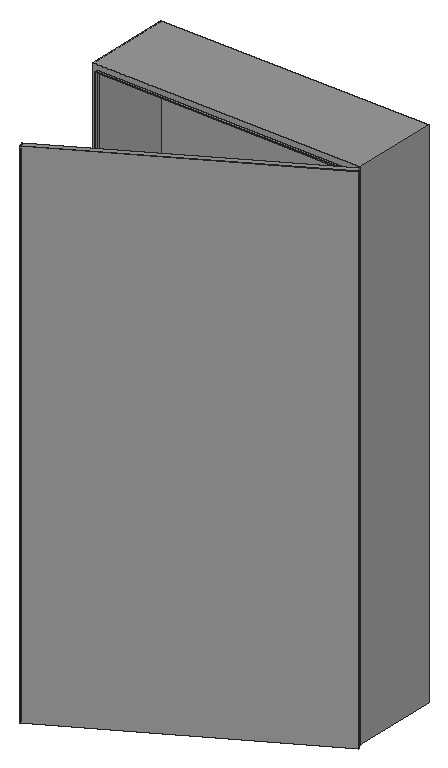
Revit family "Hager-Univers-IP55-D275-H1550-Cl.I-Steel_encl-NoHosted-PL-pl", category Electrical Equipment, Revit 2020
Family settings
  Panel Configuration = Two Columns, Circuits Across
  Round Connector Dimension = Use Diameter
  Part Type = Panelboard
  Work Plane-Based = Yes
  Always vertical = Yes
  Cut with Voids When Loaded = No
  Shared = No
  Room Calculation Point = No
Parameters (values of type "Montaż natynkowy IP55 S800 W1550 G275  - FR03E")
  Width Control [instance] = if([EF000008 - Szerokość] > Min Width, [EF000008 - Szerokość], Min Width)  # 800 mm
  Type Comments = [HG000003 - Zakres]  # "Univers"
  Thickness Door [instance] = if([EF009171 - Drzwi/pokrywa z materiału o wysokiej wytrzymałości mechanicznej] > 3 mm, 3 mm, [EF009171 - Drzwi/pokrywa z materiału o wysokiej wytrzymałości mechanicznej])  # 1.5 mm
  Seal Frame Offset [instance] = 17 mm  # constant formula
  Plinth Visibility [instance] = [HG000027 - Wysokość cokołu] > 0 mm  # no
  Min Width [instance] = 100 mm  # constant formula
  Min Depth [instance] = (2 * [EF009170 - Obudowa z materiału o wysokiej wytrzymałości mechanicznej]) + 1 mm  # 4 mm
  Min Height [instance] = 100 mm  # constant formula
  Internal Frame Depth [instance] = (Door System Depth * 0.5)  # 9 mm
  Panel Name [instance] = ""  # (empty or 0)
  Model = ""
  HG000027 - Wysokość cokołu = 0 mm
  HG000026 - Stojąca = no
  HG000024 - Wysokość części dolnej = 600 mm
  HG000023 - Obudowa dwusekcyjna = no
  HG000016 - Widoczność drzwi w widoku 3D [instance] = yes
  HG000015 - Przestrzeń robocza - otwarcie drzwi [instance] = no
  HG000014 - Drzwi prawe [instance] = yes
  HG000013 - Drzwi lewe [instance] = not([HG000014 - Drzwi prawe])  # no
  HG000012 - Kąt otwarcia drzwi [instance] = 30.00°
  HG000010 - Drzwi asymetryczne = no
  HG000009 - Drzwi dwuskrzydłowe = no
  HG000006 - Montaż podtynkowy = no
  HG000004 - Referencja producenta = "FR03E"
  HG000003 - Zakres = "Univers"
  HG000002 - Z drzwiami lub pokrywą = yes
  Frame Offset Bottom [instance] = 10 mm  # constant formula
  Frame Offset [instance] = 15 mm  # constant formula
  EF015940 - Pokrywa z wyzwalaczem nadciśnieniowym = no
  EF011959 - Stopień ochrony (NEMA) = ""
  EF009554 - Liczba otworów pod flansze = 6
  EF009212 - Wykonanie pokrywy = "EV000116 - Zamknięty"
  EF009171 - Drzwi/pokrywa z materiału o wysokiej wytrzymałości mechanicznej = 1.5 mm
  EF009170 - Obudowa z materiału o wysokiej wytrzymałości mechanicznej = 1.5 mm
  EF008873 - Prąd znamionowy (In) = 800 A
  EF007800 - Do ochrony odgromowej = no
  EF006306 - Z zamkiem = no
  EF006244 - Transparentna pokrywa/drzwi = no
  EF005474 - Stopień ochrony (IP) = "EV006420 - IP55"
  EF004464 - Rodzaj drzwi = "EV002646 - Pojedynczy"
  EF004427 - Liczba modułów = 360
  EF004293 - Odporność udarowa = "EV008784 - IK10"
  EF003532 - Do zastosowań zewnętrznych = no
  EF002950 - Szerokość wyrażona liczbą modułów = 24
  EF001613 - Podtrzymanie funkcji = "EV000494 - Brak"
  EF001596 - Materiał obudowy = "EV000179 - Stal"
  EF001131 - Głębokość wewnętrzna = 275 mm
  EF001088 - Możliwość rozbudowy = yes
  EF000437 - Liczba wejść kablowych = 6
  EF000339 - Rodzaj pokrywy = "EV004216 - Drzwi"
  EF000266 - Liczba rzędów = 10
  EF000218 - Głębokość wbudowania = 0 mm
  EF000118 - Z płytą montażową = no
  EF000116 - Numer RAL = "7035"
  EF000049 - Głębokość = 275 mm
  EF000040 - Wysokość = 1550 mm
  EF000008 - Szerokość = 800 mm
  EF000007 - Kolor = "EV000270 - Szary"
  EF000003 - Sposób montażu = "EV000384 - Montaż natynkowy"
  Door System Leaf Tolerance [instance] = 1.5 mm  # constant formula
  Door System Depth [instance] = 18 mm  # constant formula
  Door Height [instance] = Height Control - [HG000027 - Wysokość cokołu]  # 1550 mm
  Description = ""
  Default Elevation = 1219.2 mm
  Connector Offset [instance] = Height Control / 2  # 775 mm
  Manufacturer = "Hager"  # constant formula
  Height Control [instance] = if([EF000040 - Wysokość] > Min Height, [EF000040 - Wysokość], Min Height)  # 1550 mm
  Depth Control [instance] = if([EF000049 - Głębokość] > Min Depth, [EF000049 - Głębokość], Min Depth)  # 275 mm
  Bottom Top Plate Trim [instance] = 1.5 mm  # constant formula
  Plinth height Ctrl [instance] = if([HG000027 - Wysokość cokołu] > 0 mm, [HG000027 - Wysokość cokołu], 12 mm)  # 12 mm
Types (5, lengths in mm): name | Width Control | HG000010 - Drzwi asymetryczne | HG000009 - Drzwi dwuskrzydłowe | HG000004 - Referencja producenta | EF009554 - Liczba otworów pod flansze | EF004464 - Rodzaj drzwi | EF004427 - Liczba modułów | EF000437 - Liczba wejść kablowych | EF000008 - Szerokość
  Montaż natynkowy IP55 S1050 W1550 G275  - FR04E | 1050 | no | yes | "FR04E" | 8 | "EV003602 - Podwójny" | 480 | 8 | 1050
  Montaż natynkowy IP55 S1300 W1550 G275  - FR05E | 1300 | yes | yes | "FR05E" | 10 | "EV003602 - Podwójny" | 600 | 10 | 1300
  Montaż natynkowy IP55 S300 W1550 G275  - FR01E | 300 | no | no | "FR01E" | 2 | "EV002646 - Pojedynczy" | 120 | 2 | 300
  Montaż natynkowy IP55 S550 W1550 G275  - FR02E | 550 | no | no | "FR02E" | 4 | "EV002646 - Pojedynczy" | 240 | 4 | 550
  Montaż natynkowy IP55 S800 W1550 G275  - FR03E | 800 | no | no | "FR03E" | 6 | "EV002646 - Pojedynczy" | 360 | 6 | 800
Reference planes
  plane 1 "Center (Front/Back)": y = 0
  plane 2: z = 0
  plane 3 "Center (Left/Right)": x = 0
  plane 4: y = 0
  plane 5: y = 0
  plane 6: z = 0
  plane 7: x = -400
  plane 8: x = 400
  plane 9: x = 398.5
  plane 10: x = -398.5
  plane 11: z = 0
  plane 12: z = 1.5
  plane 13: y = -275
  plane 14: y = -1.5
  plane 15: x = 0
  plane 16: y = -257
  plane 17: y = -273.5
  plane 18: y = -255.5
  plane 19: x = -383.5
  plane 20: x = 383.5
  plane 21: z = 11.5
  plane 22: x = -383
  plane 23: x = 383
  plane 24: z = 0
  plane 25: z = 1550
  plane 26: z = 1550
  plane 27: z = 1533.5
  plane 28: z = 1548.5
Forms (mm)
  Extrusion 1, solid, material "Hager_Steel_RAL7035_Light_Grey", detail levels medium+fine
    sketch origin (-208.679, -4572, 0) x (-1, 0, 0) y (0, -1, 0)
      loop
        line (191.321, -4315) -> (-608.679, -4315) -> (-608.679, -4572) -> (191.321, -4572) -> (191.321, -4315)
    from 0 to 1550
  Extrusion 2, void
    sketch origin (-350.771, -275, 1219.2) x (1, 0, 0) y (0, 0, 1)
      loop
        line (-47.729, 329.3) -> (-47.729, -1217.7) -> (749.271, -1217.7) -> (749.271, 329.3) -> (-47.729, 329.3)
    from -19.5 to -273.5
  Extrusion 3, void
    sketch origin (-290.084, -257, 1219.2) x (1, 0, 0) y (0, 0, 1)
      loop
        line (-93.416, -1207.7) -> (673.584, -1207.7) -> (673.584, 314.3) -> (-93.416, 314.3) -> (-93.416, -1207.7)
    from 0 to -1.5
  Extrusion 4, solid, material "Hager_Steel_RAL7035_Light_Grey", visible <- "Plinth Visibility", detail levels medium+fine
    sketch origin (0, 0, 0) x (1, 0, 0) y (0, 1, 0)
      loop
        line (-400, 0) -> (-400, -257) -> (400, -257) -> (400, 0) -> (-400, 0)
    from 0 to 12 <- "Plinth height Ctrl"
  Extrusion 5, solid, material "Hager_Steel_RAL7035_Light_Grey", detail levels coarse
    sketch origin (0, 0, 0) x (1, 0, 0) y (0, 1, 0)
      loop
        line (-400, 0) -> (-400, -275) -> (400, -275) -> (400, 0) -> (-400, 0)
    from 0 to 1550 <- "Height Control"
  Sweep 6, void
    path in 3D
      loop
        line (-400, -257, 12) -> (400, -257, 12) -> (400, 0, 12) -> (-400, 0, 12) -> (-400, -257, 12)
    profile origin (-400, -128.5, 12) x (1, 0, 0) y (0, 0, 1)
      loop
        line (0, 0) -> (0, -1.5) -> (1.5, -1.5)
        arc (1.5, -1.5) -> (1.061, -0.439) -> (0, 0) r 1.5
  Extrusion 7, solid, material "Hager_Steel_RAL7035_Light_Grey", detail levels fine
    sketch origin (-400, -257, 0) x (1, 0, 0) y (0, 0, 1)
      loop
        line (16.5, 11.5) -> (783.5, 11.5) -> (783.5, 1533.5) -> (16.5, 1533.5) -> (16.5, 11.5)
      loop
        line (15, 10) -> (785, 10) -> (785, 1535) -> (15, 1535) -> (15, 10)
    from 0 to 9 <- "Internal Frame Depth"
Cuts and joins
  Extrusion 2, Extrusion 3 cuts Extrusion 1
  Sweep 6 cuts Extrusion 4
Lines and regions (mm)
  Masking region 1
    outline origin (0, 0, 0) x (1, 0, 0) y (0, 1, 0)
      loop
        line (-400, 0) -> (-400, -275) -> (400, -275) -> (400, 0) -> (-400, 0)
  Masking region 2, detail levels coarse
    outline origin (-290.084, -257, 1219.2) x (-1, 0, 0) y (0, 0, 1)
      loop
        line (-690.084, -1219.2) -> (109.916, -1219.2) -> (109.916, 330.8) -> (-690.084, 330.8) -> (-690.084, -1219.2)
  Masking region 3, detail levels coarse
    outline origin (0, 0, 0) x (0, 1, 0) y (0, 0, 1)
      loop
        line (0, 0) -> (0, 1550) -> (-275, 1550) -> (-275, 0) -> (0, 0)
  Masking region 4, visible <- "Plinth Visibility", detail levels medium+fine
    outline origin (0, 0, 0) x (0, 1, 0) y (0, 0, 1)
      loop
        line (-1.5, 12) -> (-255.5, 12)
        arc (-255.5, 12) -> (-255.939, 10.939) -> (-257, 10.5) r 1.5
        line (-257, 10.5) -> (-257, 0) -> (0, 0) -> (0, 10.5)
        arc (0, 10.5) -> (-1.061, 10.939) -> (-1.5, 12) r 1.5
  Masking region 5, detail levels medium+fine
    outline origin (0, 0, 594.038) x (0, 1, 0) y (0, 0, 1)
      loop
        line (0, -594.038) -> (0, 955.962) -> (-257, 955.962) -> (-257, -594.038) -> (0, -594.038)
  Masking region 6, detail levels medium+fine
    outline origin (-359.7, -257, 1211.883) x (-1, 0, 0) y (0, 0, 1)
      loop
        line (-759.7, -1211.883) -> (40.3, -1211.883) -> (40.3, 338.117) -> (-759.7, 338.117) -> (-759.7, -1211.883)
  Masking region 7, visible <- "Plinth Visibility", detail levels medium+fine
    outline origin (-320.334, -257, 1041.368) x (-1, 0, 0) y (0, 0, 1)
      loop
        line (-720.334, -1041.368) -> (79.666, -1041.368) -> (79.666, -1030.868)
        arc (79.666, -1030.868) -> (78.606, -1030.429) -> (78.166, -1029.368) r 1.5
        line (78.166, -1029.368) -> (-718.834, -1029.368)
        arc (-718.834, -1029.368) -> (-719.273, -1030.429) -> (-720.334, -1030.868) r 1.5
        line (-720.334, -1030.868) -> (-720.334, -1041.368)
  sketch lines
    curve 1: line (-400, 0, 12) -> (-400, -257, 12)
    curve 2: line (-400, -257, 12) -> (400, -257, 12)
    curve 3: line (400, 0, 12) -> (-400, 0, 12)
    curve 4: line (400, -257, 12) -> (400, 0, 12)
Dimensions and locks
  locked: plane 1 "Center (Front/Back)" to plane 5
  "EF009170 - Obudowa z materiału o wysokiej wytrzymałości mechanicznej": plane 7 to plane 10
  "EF009170 - Obudowa z materiału o wysokiej wytrzymałości mechanicznej": plane 8 to plane 9
  equal spacing: plane 7, plane 3 "Center (Left/Right)", plane 8
  "Width Control": plane 7 to plane 8
  "Depth Control": plane 4 to plane 13
  "EF009170 - Obudowa z materiału o wysokiej wytrzymałości mechanicznej": plane 4 to plane 14
  "Height Control": plane 25 to level
  "HG000027 - Wysokość cokołu": plane 11 to level
  "EF009170 - Obudowa z materiału o wysokiej wytrzymałości mechanicznej": plane 12 to plane 11
  "EF009170 - Obudowa z materiału o wysokiej wytrzymałości mechanicznej": plane 17 to plane 13
  "EF009170 - Obudowa z materiału o wysokiej wytrzymałości mechanicznej": plane 18 to plane 16
  "Frame Offset Bottom": plane 21 to plane 12
  "Frame Offset": plane 10 to plane 19
  "Frame Offset": plane 9 to plane 20
  "Door System Depth": plane 16 to plane 13
  "Seal Frame Offset": plane 7 to plane 22
  "Seal Frame Offset": plane 8 to plane 23
  "EF009170 - Obudowa z materiału o wysokiej wytrzymałości mechanicznej": plane 26 to plane 28
  "Frame Offset": plane 28 to plane 27
  "Connector Offset": plane 2 to connector elem
  "Bottom Top Plate Trim": profile plane to Sweep 6 sketch curve
  "Bottom Top Plate Trim": Sweep 6 sketch curve to Sweep 6 sketch curve
  "Plinth height Ctrl": Masking region 4 sketch curve to level
  "Plinth height Ctrl": Masking region 7 sketch curve to level
  "Thickness Door": Extrusion 7 sketch curve to Extrusion 7 sketch curve  (x4)
  "Bottom Top Plate Trim": radius of Sweep 6 sketch curve
  "Bottom Top Plate Trim": radius of Masking region 4 sketch curve  (x2)
  "Bottom Top Plate Trim": radius of Masking region 7 sketch curve  (x2)
  aligned and locked: Extrusion 2 sketch curve to plane 12
  aligned and locked: Extrusion 2 sketch curve to plane 9
  aligned and locked: Extrusion 2 sketch curve to plane 10
  aligned and locked: Extrusion 2 to plane 14
  aligned and locked: Extrusion 1 sketch curve to plane 4
  aligned and locked: plane 8 to Extrusion 1 sketch curve
  aligned and locked: plane 7 to Extrusion 1 sketch curve
  aligned and locked: Extrusion 2 to plane 18
  aligned and locked: Extrusion 3 sketch curve to plane 19
  aligned and locked: plane 20 to Extrusion 3 sketch curve
  aligned and locked: Extrusion 3 to Extrusion 2
  aligned and locked: Extrusion 3 sketch curve to plane 21
  aligned and locked: plane 3 "Center (Left/Right)" to nested 1
  aligned and locked: Extrusion 1 sketch curve to plane 16
  aligned and locked: Extrusion 4 sketch curve to cut or joined group of Extrusion 1, Extrusion 2, Extrusion 3
  aligned and locked: Masking region 1 sketch curve to plane 7
  aligned and locked: Masking region 1 sketch curve to plane 5
  aligned and locked: Masking region 1 sketch curve to plane 8
  aligned and locked: Masking region 2 sketch curve to level
  aligned and locked: level to Masking region 3 sketch curve
  aligned and locked: plane 1 "Center (Front/Back)" to Masking region 3 sketch curve
  aligned and locked: plane 13 to Masking region 3 sketch curve
  aligned and locked: plane 5 to Masking region 4 sketch curve
  aligned and locked: Masking region 2 sketch curve to plane 8
  aligned and locked: Masking region 2 sketch curve to plane 7
  aligned and locked: plane 7 to nested 2
  aligned and locked: nested 2 to plane 5
  aligned and locked: plane 5 to Masking region 5 sketch curve
  aligned and locked: plane 26 to Masking region 5 sketch curve
  aligned and locked: Extrusion 5 sketch curve to plane 8
  aligned and locked: Extrusion 5 sketch curve to plane 7
  aligned and locked: Extrusion 5 sketch curve to plane 5
  aligned and locked: Extrusion 3 sketch curve to plane 27
  aligned and locked: Extrusion 2 sketch curve to plane 28
  aligned and locked: Masking region 2 to plane 25
  aligned and locked: Extrusion 4 to plane 16
  aligned and locked: profile plane to Sweep 6 sketch curve
  aligned and locked: Masking region 5 sketch curve to plane 24
  aligned and locked: level to Masking region 4 sketch curve
  aligned and locked: Masking region 1 to plane 13
  aligned and locked: nested 1 to plane 16
  aligned and locked: Masking region 3 to plane 25
  aligned and locked: plane 16 to Masking region 4 sketch curve
  aligned and locked: Masking region 5 sketch curve to plane 16
  aligned and locked: plane 24 to plane 11
  aligned and locked: plane 26 to plane 25
  aligned and locked: plane 26 to cut or joined group of Extrusion 1, Extrusion 2, Extrusion 3
  aligned and locked: nested 1 to plane 24
  aligned and locked: Extrusion 1 to Extrusion 3
  aligned and locked: Masking region 6 sketch curve to plane 8
  aligned and locked: Masking region 6 sketch curve to plane 24
  aligned and locked: Masking region 6 sketch curve to plane 7
  aligned and locked: Masking region 6 sketch curve to plane 26
  aligned and locked: Masking region 7 sketch curve to plane 7
  aligned and locked: level to Masking region 7 sketch curve
  aligned and locked: Masking region 7 sketch curve to plane 8
  aligned and locked: Extrusion 7 sketch curve to cut or joined group of Extrusion 1, Extrusion 2, Extrusion 3  (x4)
Automatic sketch dimensions
  plane 19 to Extrusion 3 sketch curve = 0 mm
  Extrusion 3 sketch curve to plane 20 = 0 mm
  Extrusion 3 sketch curve to plane 21 = 0 mm
  Extrusion 4 sketch curve to plane 7 = 0 mm
  Extrusion 4 sketch curve to plane 8 = 0 mm
  Extrusion 4 sketch curve to plane 16 = 0 mm
  Masking region 1 sketch curve to plane 13 = 0 mm
  Masking region 2 sketch curve to plane 25 = 0 mm
  Masking region 3 sketch curve to plane 25 = 0 mm
  Extrusion 5 sketch curve to plane 13 = 0 mm
  profile plane to Sweep 6 sketch curve = 0 mm
Nested families
  nested 1: "EC000058_Univers_Door" at (0, -257, 0), Double <- "HG000009 - Drzwi dwuskrzydłowe", Transparent <- "EF006244 - Transparentna pokrywa/drzwi", Angle <- "HG000012 - Kąt otwarcia drzwi", Door_Right <- "HG000014 - Drzwi prawe", Assymetrical <- "HG000010 - Drzwi asymetryczne", Door <- "HG000002 - Z drzwiami lub pokrywą", Width_Ctrl <- "Width Control", 3d_Door <- "HG000016 - Widoczność drzwi w widoku 3D", Clearance <- "HG000015 - Przestrzeń robocza - otwarcie drzwi", Door_Left <- "HG000013 - Drzwi lewe", Width <- "Width Control", Door_Depth <- "Door System Depth", Leaf_Tolerance <- "Door System Leaf Tolerance", Height <- "Door Height", Lock_Visibility <- "EF006306 - Z zamkiem", Thickness <- "Thickness Door", type "EC000058_Univers_Door", detail levels medium+fine
    with min_wh 4 mm, Width_Ctrl 800 mm, Width 800 mm, Transparent no, Thickness 1.5 mm, Seal_Material Hager_Rubber, Lock_Visibility no, Lock_Material Hager_Plastic_RAL9005_Jet_Black, Leaf_Width 800 mm, Leaf_Tolerance_External_Sides 0 mm, Leaf_Tolerance 1.5 mm, Leaf_Offset 0 mm, Leaf_Height 1547 mm, Leaf_2_Width 800 mm, Leaf_2_Offset 400 mm, Leaf_1_Width 800 mm, Leaf_1_Offset 400 mm, Height_Ctrl 1550 mm, Height 1550 mm, Glass_Material Hager_Glass, Double_Clearance_Ctrl no, Double no, Door_Right_Ctrl yes, Door_Right yes, Door_Material Hager_Steel_RAL7035_Light_Grey, Door_Left_Ctrl no, Door_Left no, Door_Depth 18 mm, Door yes, Clearance_Material Hager_Clearance, Clearance_Depth 800 mm, Clearance_Ctrl no, Clearance no, Assymetrical no, Angle 30.00°, 3d_Door yes
  nested 2: "Hager_Enclosure_Symbol" at (-400, 0, 0), Height <- "Depth Control", Width <- "Width Control", type "Hager_Enclosure_Symbol"
    with Width_Ctrl 800 mm, Width 800 mm, Height_Ctrl 275 mm, Height 275 mm, A_Width_Int 18.047 mm, A_Width 216.562 mm, A_Height_Ctrl 240.625 mm, A_Height 240.625 mm
Connectors
  electrical at (0, 0, 775)
    settings: on plane 1 "Center (Front/Back)", index 1, voltage 0 V, apparent load 0 VA, apparent load phase1 0 VA, apparent load phase2 0 VA, apparent load phase3 0 VA, power factor 1, load classification "Other", number of poles 1, system type 30, power factor state 1, is connector primary yes, connector utility no, sub classification motor no, connector description ""
Definition of nested family "EC000058_Univers_Door"
  Parameters (values of type "EC000058_Univers_Door")
    min_wh [instance] = (2 * Thickness) + 1 mm  # 11 mm
    Width_Ctrl [instance] = 400 mm
    Width [instance] = 500 mm
    Transparent [instance] = yes
    Thickness [instance] = 5 mm
    Seal_Material [instance] = none
    Lock_Visibility [instance] = yes
    Lock_Material [instance] = none
    Leaf_Width [instance] = if((Width_Ctrl - 2 * Leaf_Tolerance_External_Sides) > 0 mm, (Width_Ctrl - 2 * Leaf_Tolerance_External_Sides), min_wh)  # 400 mm
    Leaf_Tolerance_External_Sides [instance] = 0 mm  # constant formula
    Leaf_Tolerance [instance] = 1.5 mm
    Leaf_Offset [instance] = 0 mm  # constant formula
    Leaf_Height [instance] = if((Height_Ctrl - 2 * Leaf_Tolerance) > 0 mm, (Height_Ctrl - 2 * Leaf_Tolerance), min_wh)  # 497 mm
    Leaf_2_Width [instance] = if(and(and(Double, Assymetrical), Door_Left), (Leaf_Width / 3) - (Leaf_Tolerance / 2), if(and(and(Double, Assymetrical), Door_Right), (Leaf_Width / 3) * 2 - (Leaf_Tolerance / 2), if(and(Double, not(Assymetrical)), (Leaf_Width / 2) - Leaf_Tolerance, Leaf_Width)))  # 400 mm
    Leaf_2_Offset [instance] = if(and(Double, Assymetrical), Leaf_2_Width / 2, if(and(Double, not(Assymetrical)), Leaf_Width / 4, Leaf_Width / 2))  # 200 mm
    Leaf_1_Width [instance] = if(and(and(Double, Assymetrical), Door_Right), (Leaf_Width / 3) - (Leaf_Tolerance / 2), if(and(and(Double, Assymetrical), Door_Left), (Width / 3) * 2 - (Leaf_Tolerance / 2), if(and(Double, not(Assymetrical)), (Leaf_Width / 2) - Leaf_Tolerance, Leaf_Width)))  # 400 mm
    Leaf_1_Offset [instance] = if(and(Double, Assymetrical), Leaf_1_Width / 2, if(and(Double, not(Assymetrical)), Leaf_Width / 4, Leaf_Width / 2))  # 200 mm
    Height_Ctrl [instance] = if(Height > min_wh, Height, min_wh)  # 500 mm
    Height [instance] = 500 mm
    Glass_Material [instance] = none
    Double_Clearance_Ctrl [instance] = and(Double, Clearance)  # no
    Double [instance] = no
    Door_Right_Ctrl [instance] = and(or(Door_Right, Double), Door)  # yes
    Door_Right [instance] = yes
    Door_Material [instance] = none
    Door_Left_Ctrl [instance] = and(or(Door_Left, Double), Door)  # no
    Door_Left [instance] = no
    Door_Depth [instance] = 30 mm
    Door [instance] = yes
    Default Elevation = 1219.2 mm
    Clearance_Material [instance] = none
    Clearance_Depth [instance] = if(Leaf_1_Width > Leaf_2_Width, Leaf_1_Width, Leaf_2_Width)  # 400 mm
    Clearance_Ctrl [instance] = and(not(Double), Clearance)  # yes
    Clearance [instance] = yes
    Assymetrical [instance] = yes
    Angle [instance] = 30.00°
    3d_Door [instance] = yes
  Reference planes
    plane 1 "Center (Front/Back)": y = 0
    plane 2 "Bottom": z = 0
    plane 3 "Center (Left/Right)": x = 0
    plane 4: z = 500
    plane 5: x = -200
    plane 6: x = 200
    plane 7: z = 500
    plane 8: x = -200
    plane 9: z = 0
    plane 10: x = 200
    plane 11: y = 0
    plane 12: z = 1.5
    plane 13: x = -600
    plane 14: y = -400
    plane 15: x = 600
    plane 16: x = 0
    plane 17: x = 0
    plane 18: x = -200
    plane 19: x = 200
    plane 20: z = 498.5
  Forms (mm)
    Extrusion 1, solid, material <- "Clearance_Material", visible <- "Double_Clearance_Ctrl"
      sketch origin (1200, 0, 0) x (1, 0, 0) y (0, 0, -1)
        loop
          line (-1800, -498.5) -> (-600, -498.5) -> (-600, 0) -> (-1800, 0) -> (-1800, -498.5)
      from 0 to -400
  Dimensions and locks
    equal spacing: plane 5, plane 3 "Center (Left/Right)", plane 6
    "Width_Ctrl": plane 5 to plane 6
    "Leaf_Offset": plane 5 to plane 8
    "Leaf_Offset": plane 6 to plane 10
    "Leaf_Offset": plane 9 to level
    "Leaf_Offset": plane 4 to plane 7
    "Height_Ctrl": plane 4 to level
    "Leaf_Tolerance": plane 12 to plane 9
    locked: plane 11 to plane 1 "Center (Front/Back)"
    "Leaf_1_Offset": plane 18 to plane 16
    "Leaf_2_Offset": plane 17 to plane 19
    "Leaf_1_Width": plane 13 to plane 8
    "Leaf_2_Width": plane 10 to plane 15
    "Clearance_Depth": plane 14 to plane 1 "Center (Front/Back)"
    "Leaf_Tolerance_External_Sides": plane 8 to plane 18
    "Leaf_Tolerance_External_Sides": plane 19 to plane 10
    "Leaf_Tolerance": plane 7 to plane 20
    aligned and locked: level to plane 2 "Bottom"
    aligned and locked: nested 1 to plane 16
    aligned and locked: nested 2 to plane 17
    aligned and locked: Extrusion 1 to plane 13
    aligned and locked: plane 15 to Extrusion 1
    aligned and locked: Extrusion 1 to plane 14
    aligned and locked: plane 12 to nested 1
    aligned and locked: nested 2 to plane 12
    aligned and locked: Extrusion 1 to plane 11
    aligned and locked: plane 20 to Extrusion 1
    aligned and locked: nested 2 to plane 11
    aligned and locked: nested 1 to plane 11
  Automatic sketch dimensions
    Extrusion 1 sketch curve to level = 0 mm
    plane 5 to Extrusion 1 sketch curve = 400 mm
    plane 6 to Extrusion 1 sketch curve = 400 mm
    Extrusion 1 sketch curve to plane 4 = 1.5 mm
  Nested families
    nested 1: "EC000058_Univers_Door_Leaf" at (0, 0, 1.5), Width <- "Leaf_1_Width", visible <- "Door_Left_Ctrl", Leaf_Height <- "Leaf_Height", Angle <- "Angle", 3d_Door <- "3d_Door", Transparent <- "Transparent", Clearance Material <- "Clearance_Material", Clearance <- "Clearance_Ctrl", Door_Material <- "Door_Material", Glass_Material <- "Glass_Material", Door_Depth <- "Door_Depth", Lock_Material <- "Lock_Material", Seal_Material <- "Seal_Material", Lock_Visibility <- "Lock_Visibility", Thickness <- "Thickness", type "EC000058_Univers_Door_Leaf"
      with Width 400 mm, Transparent_Glass_Offset 30 mm, Transparent_Ctrl yes, Transparent yes, Thickness 5 mm, Standard no, Seal_Material none, Seal_D2 8 mm, Seal_D1 1 mm, Offset_Internal_Frame 10 mm, Lock_Width 20 mm, Lock_Visibility_3d yes, Lock_Visibility yes, Lock_Thickness_3 3 mm, Lock_Thickness_2 1 mm, Lock_Thickness_1 3 mm, Lock_Radius_Offset_2 16 mm, Lock_Radius_Offset_1 15 mm, Lock_Radius_2 5 mm, Lock_Radius 6 mm, Lock_Offset 5 mm, Lock_Material none, Lock_Height 80 mm, Lock_Cover_Top_Offset_2d 17 mm, Lock_Cover_Height -65 mm, Leaf_Height 497 mm, Internal_Seal_Thickness 8 mm, Internal_Seal_Depth_2 4.5 mm, Internal_Frame_Depth 25 mm, Glass_Thickness -1 mm, Glass_Offset -2 mm, Glass_Material none, Door_Material none, Door_Depth 30 mm, Clearance Material none, Clearance yes, Angle_Ctrl 30.00°, Angle 30.00°, 3d_Door yes
    nested 2: "EC000058_Univers_Door_Leaf" at (0, 0, 1.5) x (-1, 0, 0) z (0, 0, 1), Width <- "Leaf_2_Width", visible <- "Door_Right_Ctrl", Leaf_Height <- "Leaf_Height", Angle <- "Angle", 3d_Door <- "3d_Door", Transparent <- "Transparent", Clearance Material <- "Clearance_Material", Clearance <- "Clearance_Ctrl", Door_Material <- "Door_Material", Glass_Material <- "Glass_Material", Door_Depth <- "Door_Depth", Lock_Material <- "Lock_Material", Seal_Material <- "Seal_Material", Lock_Visibility <- "Lock_Visibility", Thickness <- "Thickness", type "EC000058_Univers_Door_Leaf"
      with Width 400 mm, Transparent_Glass_Offset 30 mm, Transparent_Ctrl yes, Transparent yes, Thickness 5 mm, Standard no, Seal_Material none, Seal_D2 8 mm, Seal_D1 1 mm, Offset_Internal_Frame 10 mm, Lock_Width 20 mm, Lock_Visibility_3d yes, Lock_Visibility yes, Lock_Thickness_3 3 mm, Lock_Thickness_2 1 mm, Lock_Thickness_1 3 mm, Lock_Radius_Offset_2 16 mm, Lock_Radius_Offset_1 15 mm, Lock_Radius_2 5 mm, Lock_Radius 6 mm, Lock_Offset 5 mm, Lock_Material none, Lock_Height 80 mm, Lock_Cover_Top_Offset_2d 17 mm, Lock_Cover_Height -65 mm, Leaf_Height 497 mm, Internal_Seal_Thickness 8 mm, Internal_Seal_Depth_2 4.5 mm, Internal_Frame_Depth 25 mm, Glass_Thickness -1 mm, Glass_Offset -2 mm, Glass_Material none, Door_Material none, Door_Depth 30 mm, Clearance Material none, Clearance yes, Angle_Ctrl 30.00°, Angle 30.00°, 3d_Door yes
  Definition of nested family "EC000058_Univers_Door_Leaf"
    Parameters (values of type "EC000058_Univers_Door_Leaf")
      Width [instance] = 2000 mm
      Transparent_Glass_Offset [instance] = 30 mm
      Transparent_Ctrl [instance] = and(Transparent, [3d_Door])  # yes
      Transparent [instance] = yes
      Thickness [instance] = 5 mm
      Standard [instance] = and(not(Transparent), [3d_Door])  # no
      Seal_Material [instance] = none
      Seal_D2 [instance] = 8 mm  # constant formula
      Seal_D1 [instance] = 1 mm  # constant formula
      Offset_Internal_Frame [instance] = 10 mm  # constant formula
      Lock_Width [instance] = 20 mm  # constant formula
      Lock_Visibility_3d [instance] = and(Lock_Visibility, [3d_Door])  # yes
      Lock_Visibility [instance] = yes
      Lock_Thickness_3 [instance] = 3 mm  # constant formula
      Lock_Thickness_2 [instance] = 1 mm  # constant formula
      Lock_Thickness_1 [instance] = 3 mm  # constant formula
      Lock_Radius_Offset_2 [instance] = Lock_Radius_Offset_1 + 1 mm  # 16 mm
      Lock_Radius_Offset_1 [instance] = 15 mm  # constant formula
      Lock_Radius_2 [instance] = Lock_Radius - 1 mm  # 5 mm
      Lock_Radius [instance] = 6 mm  # constant formula
      Lock_Offset [instance] = 5 mm  # constant formula
      Lock_Material [instance] = none
      Lock_Height [instance] = 80 mm  # constant formula
      Lock_Cover_Top_Offset_2d [instance] = Lock_Radius_Offset_2 + 1 mm  # 17 mm
      Lock_Cover_Height [instance] = -(Lock_Height - Lock_Radius_Offset_1)  # -65 mm
      Leaf_Height [instance] = 2720.336 mm
      Internal_Seal_Thickness [instance] = 8 mm  # constant formula
      Internal_Seal_Depth_2 [instance] = 4.5 mm  # constant formula
      Internal_Frame_Depth [instance] = if(Door_Depth - Thickness > 5 mm, Door_Depth - Thickness, 5 mm)  # 25 mm
      Glass_Thickness [instance] = if(Thickness > 15 mm, Glass_Offset + 10 mm, -1 mm)  # -1 mm
      Glass_Offset [instance] = if(Thickness > 15 mm, -(Thickness + 10 mm) / 2, -2 mm)  # -2 mm
      Glass_Material [instance] = none
      Door_Material [instance] = none
      Door_Depth [instance] = 30 mm
      Default Elevation = 0 mm
      Clearance Material [instance] = none
      Clearance [instance] = yes
      Angle_Ctrl [instance] = if(Angle > 180.00°, 180.00°, Angle)  # 90.00°
      Angle [instance] = 90.00°
      3d_Door [instance] = yes
    Reference planes
      plane 1 "Center (Front/Back)": y = 0
      plane 2: z = 0
      plane 3 "Center (Left/Right)": x = 0
      plane 4: y = 2000
      plane 5: x = -1000
      plane 6: x = 1000
      plane 7: x = -3000
      plane 8: z = 2720.336
      plane 9: z = 30
      plane 10: z = 2690.336
      plane 11: x = 970
      plane 12: x = -970
      plane 13: y = -3
      plane 14: z = 107.833
      plane 15: y = -5
      plane 16: y = -223.314
      plane 17: x = -1000
      plane 18: z = 1360.168
      plane 19: y = 30
    Forms (mm)
      Extrusion 1, solid, material <- "Clearance Material", visible <- "Clearance"
        sketch origin (0, 0, 0) x (1, 0, 0) y (0, 0, 1)
          loop
            line (-3000, 2720.336) -> (-3000, 0) -> (1000, 0) -> (1000, 2720.336) -> (-3000, 2720.336)
        from 0 to -2000
      Extrusion 2, solid, material <- "Door_Material", visible <- "Standard", detail levels medium+fine
        sketch origin (-1000, 0, 0) x (0, 1, 0) y (-1, 0, 0)
          loop
            line (0, 30) -> (0, 25) -> (2000, 25) -> (2000, 30) -> (0, 30)
        from 0 to 2720.336 <- "Leaf_Height"
      Extrusion 3, solid, material <- "Door_Material", visible <- "Transparent_Ctrl", detail levels medium+fine
        sketch origin (-1000, 0, 0) x (0, 1, 0) y (-1, 0, 0)
          loop
            line (0, 25) -> (2000, 25) -> (2000, 30) -> (0, 30) -> (0, 25)
        from 0 to 2720.336 <- "Leaf_Height"
      Extrusion 4, void
        sketch origin (-1025, 2000, 0) x (0, 1, 0) y (0, 0, -1)
          loop
            line (-30, -2690.336) -> (-30, -30) -> (-1970, -30) -> (-1970, -2690.336) -> (-30, -2690.336)
        from 0 to 5 <- "Thickness"
      Sweep 5, solid, material <- "Seal_Material", visible <- "Transparent_Ctrl", detail levels fine
        path in 3D
          loop
            line (-1025, 30, 30) -> (-1025, 30, 2690.336) -> (-1025, 1970, 2690.336) -> (-1025, 1970, 30) -> (-1025, 30, 30)
        profile origin (-1025, 1000, 30) x (1, 0, 0) y (0, 0, 1)
          loop
            line (0, 0) -> (0, -8) -> (1, -8) -> (1, 0) -> (0, 0)
      Extrusion 6, solid, material <- "Glass_Material", visible <- "Transparent_Ctrl", detail levels medium+fine
        sketch origin (-1030, 0, 0) x (0, 1, 0) y (0, 0, -1)
          loop
            line (1970, -2690.336) -> (1970, -30) -> (30, -30) -> (30, -2690.336) -> (1970, -2690.336)
        from -2 <- "Glass_Offset" to -1 <- "Glass_Thickness"
      Extrusion 7, solid, material <- "Door_Material", visible <- "3d_Door", detail levels medium+fine
        sketch origin (-1025, 2000, 0) x (0, -1, 0) y (0, 0, -1)
          loop
            line (0, -2720.336) -> (2000, -2720.336) -> (2000, 0) -> (0, 0) -> (0, -2720.336)
          loop
            line (1995, -5) -> (5, -5) -> (5, -2715.336) -> (1995, -2715.336) -> (1995, -5)
        from 0 to 25 <- "Internal_Frame_Depth"
      Sweep 8, solid, material <- "Seal_Material", visible <- "Transparent_Ctrl", detail levels fine
        path in 3D
          loop
            line (-1025, 0, 0) -> (-1025, 2000, 0) -> (-1025, 2000, 2720.336) -> (-1025, 0, 2720.336) -> (-1025, 0, 0)
        profile origin (-1025, 0, 1360.168) x (1, 0, 0) y (0, 1, 0)
          loop
            line (0, 10) -> (2.975, 10)
            arc (2.975, 10) -> (4.053, 10.447) -> (4.5, 11.525) r 1.525
            line (4.5, 11.525) -> (4.5, 16.527)
            arc (4.5, 16.527) -> (4.069, 17.569) -> (3.027, 18) r 1.473
            line (3.027, 18) -> (0, 18) -> (0, 10)
      Extrusion 9, solid, material <- "Lock_Material", visible <- "Lock_Visibility_3d", detail levels fine
        sketch origin (-1030, 0, 0) x (0, 1, 0) y (0, 0, -1)
          loop
            arc (1993.5, -1400.168) -> (1994.561, -1399.729) -> (1995, -1398.668) r 1.5
            line (1995, -1398.668) -> (1995, -1320.168) -> (1975, -1320.168) -> (1975, -1398.668)
            arc (1975, -1398.668) -> (1975.439, -1399.729) -> (1976.5, -1400.168) r 1.5
            line (1976.5, -1400.168) -> (1993.5, -1400.168)
        from 3 <- "Lock_Thickness_1" to 0
      Blend 10, solid, material <- "Lock_Material", visible <- "Lock_Visibility_3d", detail levels fine
        base sketch origin (-1033, 0, 0) x (0, 1, 0) y (0, 0, -1)
          loop
            line (1975, -1320.168) -> (1975, -1398.668)
            arc (1975, -1398.668) -> (1975.439, -1399.729) -> (1976.5, -1400.168) r 1.5
            line (1976.5, -1400.168) -> (1993.5, -1400.168)
            arc (1993.5, -1400.168) -> (1994.561, -1399.729) -> (1995, -1398.668) r 1.5
            line (1995, -1398.668) -> (1995, -1320.168) -> (1975, -1320.168)
        top sketch origin (-1033, 0, 0) x (0, 1, 0) y (0, 0, -1)
          loop
            line (1976, -1320.168) -> (1976, -1398.668)
            arc (1976, -1398.668) -> (1976.146, -1399.022) -> (1976.5, -1399.168) r 0.5
            line (1976.5, -1399.168) -> (1993.5, -1399.168)
            arc (1993.5, -1399.168) -> (1993.854, -1399.022) -> (1994, -1398.668) r 0.5
            line (1994, -1398.668) -> (1994, -1320.168) -> (1976, -1320.168)
        from 0 to 1 <- "Lock_Thickness_2"
      Blend 11, solid, material <- "Lock_Material", visible <- "Lock_Visibility_3d", detail levels fine
        base sketch origin (-1034, 0, 0) x (0, 1, 0) y (0, 0, -1)
          loop
            line (1978, -1320.168) -> (1978, -1384.168)
            arc (1978, -1384.168) -> (1985, -1391.168) -> (1992, -1384.168) r 7
            line (1992, -1384.168) -> (1992, -1320.168) -> (1978, -1320.168)
        top sketch origin (-1034, 0, 0) x (0, 1, 0) y (0, 0, -1)
          loop
            line (1991, -1320.168) -> (1979, -1320.168) -> (1979, -1383.168)
            arc (1979, -1383.168) -> (1985, -1389.168) -> (1991, -1383.168) r 6
            line (1991, -1383.168) -> (1991, -1320.168)
        from 0 to 3 <- "Lock_Thickness_3"
      Extrusion 12, solid, material <- "Lock_Material", visible <- "Lock_Visibility_3d", detail levels fine
        sketch origin (-1030, 1975, 1320.168) x (1, 0, 0) y (0, -1, 0)
          loop
            line (-7, -19) -> (-7, -1) -> (0, -1) -> (0, 0) -> (-8, 0) -> (-8, -20) -> (0, -20) -> (0, -19) -> (-7, -19)
        from 0 to -65 <- "Lock_Cover_Height"
      Extrusion 13, void
        sketch origin (-1038, 1995, 1320.168) x (-1, 0, 0) y (0, 0, -1)
          loop
            line (-5, -65) -> (0, -65) -> (-5, -60) -> (-5, -65)
        from 0 to 20 <- "Lock_Width"
      Extrusion 14, void
        sketch origin (-1038, 1975, 1320.168) x (0, -1, 0) y (0, 0, -1)
          loop
            circle (-10, -15.995) r 6
          loop
            circle (-10, -15.995) r 5
        from 0 to 2
      Extrusion 15, solid, material <- "Lock_Material", visible <- "Lock_Visibility_3d", detail levels medium
        sketch origin (-1030, 0, 0) x (0, 1, 0) y (0, 0, -1)
          loop
            arc (1993.5, -1400.168) -> (1994.561, -1399.729) -> (1995, -1398.668) r 1.5
            line (1995, -1398.668) -> (1995, -1320.168) -> (1975, -1320.168) -> (1975, -1398.668)
            arc (1975, -1398.668) -> (1975.439, -1399.729) -> (1976.5, -1400.168) r 1.5
            line (1976.5, -1400.168) -> (1993.5, -1400.168)
        from 8 to 0
    Cuts and joins
      Extrusion 4 cuts Extrusion 3
      Extrusion 13, Extrusion 14 cuts Extrusion 9
      Extrusion 14 cuts Blend 11
      Extrusion 13, Extrusion 14 cuts Extrusion 12
      joined: Extrusion 9, Blend 10, Blend 11, Extrusion 12
      Extrusion 14 cuts Extrusion 15
    Lines and regions (mm)
      Masking region 1, visible <- "Lock_Visibility", detail levels fine
        outline origin (0, 0, 0) x (0, 1, 0) y (0, 0, 1)
          loop
            line (30, 1320.168) -> (33, 1320.168) -> (33, 1400.168) -> (30, 1400.168) -> (30, 1320.168)
      Masking region 2, visible <- "Lock_Visibility", detail levels fine
        outline origin (0, 3.143, 0) x (0, 1, 0) y (0, 0, 1)
          loop
            line (29.857, 1354.168) -> (30.857, 1354.168) -> (30.857, 1366.168) -> (29.857, 1366.168) -> (29.857, 1354.168)
      Masking region 3, detail levels medium+fine
        outline origin (0, 0, 0) x (0, 1, 0) y (0, 0, 1)
          loop
            line (0, 0) -> (30, 0) -> (30, 2720.336) -> (0, 2720.336) -> (0, 0)
      Masking region 4, detail levels medium+fine
        outline origin (0, 0, 0) x (1, 0, 0) y (0, 0, 1)
          loop
            line (-1000, 2720.336) -> (-1000, 0) -> (1000, 0) -> (1000, 2720.336) -> (-1000, 2720.336)
      Masking region 5, visible <- "Lock_Visibility", detail levels fine
        outline origin (-47.116, 0, 0) x (1, 0, 0) y (0, 0, 1)
          loop
            arc (1024.616, 1399.168) -> (1023.556, 1398.729) -> (1023.116, 1397.668) r 1.5
            line (1023.116, 1397.668) -> (1023.116, 1320.168) -> (1041.116, 1320.168) -> (1041.116, 1397.668)
            arc (1041.116, 1397.668) -> (1040.677, 1398.729) -> (1039.616, 1399.168) r 1.5
            line (1039.616, 1399.168) -> (1024.616, 1399.168)
      Masking region 6, visible <- "Lock_Visibility", detail levels medium+fine
        outline origin (-25, 0, 0) x (1, 0, 0) y (0, 0, 1)
          loop
            arc (1001.5, 1400.168) -> (1000.439, 1399.729) -> (1000, 1398.668) r 1.5
            line (1000, 1398.668) -> (1000, 1320.168) -> (1020, 1320.168) -> (1020, 1398.668)
            arc (1020, 1398.668) -> (1019.561, 1399.729) -> (1018.5, 1400.168) r 1.5
            line (1018.5, 1400.168) -> (1001.5, 1400.168)
      Masking region 7, visible <- "Lock_Visibility", detail levels fine
        outline origin (-73.735, 0, 0) x (1, 0, 0) y (0, 0, 1)
          loop
            line (1051.735, 1382.168) -> (1065.735, 1382.168) -> (1065.735, 1384.168)
            arc (1065.735, 1384.168) -> (1058.735, 1391.168) -> (1051.735, 1384.168) r 7
            line (1051.735, 1384.168) -> (1051.735, 1382.168)
      Masking region 8, visible <- "Lock_Visibility", detail levels fine
        outline origin (-73.735, 0, 0) x (1, 0, 0) y (0, 0, 1)
          loop
            line (1052.735, 1382.168) -> (1064.735, 1382.168) -> (1064.735, 1383.168)
            arc (1064.735, 1383.168) -> (1058.735, 1389.168) -> (1052.735, 1383.168) r 6
            line (1052.735, 1383.168) -> (1052.735, 1382.168)
      Masking region 9, visible <- "Lock_Visibility", detail levels fine
        outline origin (-25, 0, 0) x (1, 0, 0) y (0, 0, 1)
          loop
            line (1020, 1320.168) -> (1020, 1382.168) -> (1000, 1382.168) -> (1000, 1320.168) -> (1020, 1320.168)
      Masking region 10, detail levels medium+fine
        outline origin (0, 0, 0) x (1, 0, 0) y (0, 0, 1)
          loop
            circle (985, 1335.144) r 6
      Masking region 11, detail levels fine
        outline origin (0, 0, 0) x (1, 0, 0) y (0, 0, 1)
          loop
            circle (985, 1335.144) r 5
      Masking region 12, visible <- "Lock_Visibility", detail levels fine
        outline origin (0, 12.767, 0) x (0, 1, 0) y (0, 0, 1)
          loop
            line (20.233, 1320.168) -> (21.233, 1320.168) -> (21.233, 1399.168) -> (20.233, 1400.168) -> (20.233, 1320.168)
      Masking region 13, visible <- "Lock_Visibility", detail levels fine
        outline origin (0, 13.767, -10) x (0, 1, 0) y (0, 0, 1)
          loop
            line (20.233, 1330.168) -> (23.233, 1330.168) -> (23.233, 1399.168) -> (20.233, 1402.168) -> (20.233, 1330.168)
      Masking region 14, visible <- "Lock_Visibility", detail levels fine
        outline origin (0, 12.767, -10) x (0, 1, 0) y (0, 0, 1)
          loop
            line (20.233, 1330.168) -> (25.233, 1330.168) -> (25.233, 1399.305) -> (20.233, 1394.305) -> (20.233, 1330.168)
      Masking region 15, visible <- "Lock_Visibility", detail levels medium
        outline origin (0, 0, 0) x (0, 1, 0) y (0, 0, 1)
          loop
            line (30, 1320.168) -> (38, 1320.168) -> (38, 1400.168) -> (30, 1400.168) -> (30, 1320.168)
      Masking region 16, visible <- "Lock_Visibility", detail levels fine
        outline origin (-1000, 0, 0) x (0, 1, 0) y (-1, 0, 0)
          loop
            line (1975, 30) -> (1995, 30) -> (1995, 38) -> (1975, 38) -> (1975, 30)
          loop
            line (1979, 37) -> (1976, 37) -> (1976, 34) -> (1978, 34) -> (1979, 37)
          loop
            line (1994, 37) -> (1991, 37) -> (1992, 34) -> (1994, 34) -> (1994, 37)
      Masking region 17, visible <- "Lock_Visibility", detail levels medium
        outline origin (-1000, 0, 0) x (0, 1, 0) y (-1, 0, 0)
          loop
            line (1975, 30) -> (1995, 30) -> (1995, 38) -> (1975, 38) -> (1975, 30)
      symbolic lines
        curve 1: line (1000, 0, 0) -> (-3000, 0, 0)
        curve 2: arc (1000, 0, 0) -> (-1000, 2000, 0) -> (-3000, 0, 0) r 2000
        curve 4: line (-1030, 0, 0) -> (-1030, 2000, 0)
      reference lines
        curve 3: line (-1000, 0, 0) -> (-1000, 2000, 0)
      symbolic lines, detail levels medium+fine
        curve 5: line (-1030, 2000, 0) -> (-1025, 2000, 0)
        curve 7: line (-1025, 0, 0) -> (-1030, 0, 0)
        curve 8: line (-1025, 0, 0) -> (-1000, 0, 0)
        curve 9: line (-1000, 0, 0) -> (-1000, 2000, 0)
        curve 10: line (-1000, 2000, 0) -> (-1025, 2000, 0)
      symbolic lines, detail levels fine
        curve 6: line (-1025, 2000, 0) -> (-1025, 0, 0)
      sketch lines
        curve 11: line (-1025, 0, 2720.336) -> (-1025, 0, 0)
        curve 12: line (-1025, 2000, 0) -> (-1025, 0, 0)
        curve 13: line (-1025, 2000, 2720.336) -> (-1025, 2000, 0)
        curve 14: line (-1025, 0, 2720.336) -> (-1025, 2000, 2720.336)
        curve 15: line (-1025, 1970, 30) -> (-1025, 30, 30)
        curve 16: line (-1025, 30, 30) -> (-1025, 30, 2690.336)
        curve 17: line (-1025, 1970, 2690.336) -> (-1025, 1970, 30)
        curve 18: line (-1025, 30, 2690.336) -> (-1025, 1970, 2690.336)
      symbolic lines, visible <- "Transparent", detail levels medium+fine
        curve 19: line (-970, 0, 2690.336) -> (970, 0, 2690.336)
        curve 20: line (-970, 0, 30) -> (-970, 0, 2690.336)
        curve 21: line (970, 0, 30) -> (-970, 0, 30)
        curve 22: line (970, 0, 2690.336) -> (970, 0, 30)
    Dimensions and locks
      "Width": plane 1 "Center (Front/Back)" to plane 4
      equal spacing: plane 5, plane 3 "Center (Left/Right)", plane 6
      "Width": plane 5 to plane 6
      "Width": plane 7 to plane 5
      "Leaf_Height": plane 8 to level
      "Width": curve 5 to curve 3
      "Width": curve 3 to curve 3
      plane 8 to plane 10 = 30 mm
      plane 9 to level = 30 mm
      plane 12 to plane 5 = 30 mm
      plane 6 to plane 11 = 30 mm
      Extrusion 1 to Extrusion 4 sketch curve = 30 mm
      "Transparent_Glass_Offset": curve 3 to Extrusion 4 sketch curve
      "Transparent_Glass_Offset": Extrusion 4 sketch curve to cut or joined group of Extrusion 3, Extrusion 4  (x2)
      cut or joined group of Extrusion 3, Extrusion 4 to Extrusion 6 sketch curve = 30 mm
      "Transparent_Glass_Offset": cut or joined group of Extrusion 3, Extrusion 4 to Extrusion 4 sketch curve
      "Thickness": curve 6 to curve 4
      "Thickness": Extrusion 7 sketch curve to Extrusion 7 sketch curve  (x4)
      "Door_Depth": curve 4 to curve 3
      "Offset_Internal_Frame": profile plane to Sweep 8 sketch curve
      "Internal_Seal_Thickness": Sweep 8 sketch curve to Sweep 8 sketch curve
      "Internal_Seal_Depth_2": profile plane to Sweep 8 sketch curve
      "Seal_D1": profile plane to Sweep 5 sketch curve
      "Seal_D2": profile plane to Sweep 5 sketch curve
      "Thickness": Extrusion 2 sketch curve to Extrusion 2 sketch curve
      equal spacing: Extrusion 9 sketch curve, plane 18, Extrusion 9 sketch curve  (x2)
      equal spacing: Masking region 1 sketch curve, plane 18, Masking region 1 sketch curve
      "Lock_Height": Masking region 1 sketch curve to Masking region 1 sketch curve
      "Lock_Radius": Masking region 2 sketch curve to plane 18 to Masking region 2 sketch curve
      Masking region 2 sketch curve to Masking region 1 = 1 mm
      "Door_Depth": plane 19 to plane 1 "Center (Front/Back)"
      "Lock_Thickness_1": Masking region 1 sketch curve to plane 19
      "Lock_Width": Extrusion 9 sketch curve to Extrusion 9 sketch curve
      "Lock_Height": Extrusion 9 sketch curve to Extrusion 9 sketch curve
      "Lock_Offset": cut or joined group of Extrusion 3, Extrusion 4 to Extrusion 9 sketch curve
      equal spacing: plane 8, plane 18, level
      "Lock_Radius_Offset_1": Blend 11 sketch curve to Blend 10
      locked: Blend 10 to Blend 11 sketch curve at 2  (x2)
      locked: var sketch to Blend 11 sketch curve at 1  (x2)
      "Lock_Radius_Offset_2": Blend 11 sketch curve to Blend 10
      locked: Extrusion 12 sketch curve to Extrusion 12 sketch curve at 1  (x3)
      Masking region 6 sketch curve to Masking region 6 sketch curve = 80 mm
      "Lock_Height": Masking region 6 sketch curve to Masking region 6 sketch curve
      "Lock_Width": Masking region 6 sketch curve to Masking region 6 sketch curve
      locked: Masking region 6 to Masking region 5 sketch curve at 1  (x3)
      locked: Masking region 5 to Masking region 7 sketch curve at 2  (x2)
      "Lock_Radius_Offset_1": Masking region 5 to Masking region 7 sketch curve
      "Lock_Radius_Offset_2": Masking region 5 to Masking region 8 sketch curve
      locked: Masking region 7 to Masking region 8 sketch curve at 1  (x2)
      "Lock_Cover_Top_Offset_2d": Masking region 5 to Masking region 9 sketch curve
      equal spacing: Masking region 9, Masking region 10 sketch curve, Masking region 9
      equal spacing: Masking region 9, Masking region 11 sketch curve, Masking region 9
      Extrusion 15 sketch curve to Extrusion 15 sketch curve = 80 mm
      "Lock_Width": Extrusion 15 sketch curve to Extrusion 15 sketch curve
      "Lock_Height": Extrusion 15 sketch curve to Extrusion 15 sketch curve
      equal spacing: Extrusion 15 sketch curve, plane 18, Extrusion 15 sketch curve
      "Lock_Thickness_3": Masking region 13 sketch curve to Masking region 13 sketch curve
      "Lock_Height": Masking region 12 sketch curve to Masking region 12 sketch curve
      locked: Masking region 13 sketch curve to Masking region 1 at 8
      locked: Masking region 14 sketch curve to Masking region 13 at 1
      locked: Masking region 14 sketch curve to Masking region 1 at 10.863
      "Lock_Height": Masking region 15 sketch curve to Masking region 15 sketch curve
      "Lock_Offset": Extrusion 15 sketch curve to cut or joined group of Extrusion 3, Extrusion 4
      "Lock_Offset": plane 6 to Masking region 6 sketch curve
      radius of Sweep 8 sketch curve = 1.525 mm
      radius of Sweep 8 sketch curve = 1.473 mm
      radius of Extrusion 9 sketch curve = 1.5 mm  (x2)
      "Lock_Radius": radius of Extrusion 14 sketch curve
      "Lock_Radius_2": radius of Extrusion 14 sketch curve
      "Lock_Radius": radius of Masking region 10 sketch curve
      "Lock_Radius_2": radius of Masking region 11 sketch curve
      radius of Extrusion 15 sketch curve = 1.5 mm  (x2)
      "Angle_Ctrl": angle plane 1 "Center (Front/Back)" to curve 3
      locked: Masking region 12 sketch curve to Masking region 12 sketch curve (angle 45.00°)
      locked: Masking region 13 sketch curve to Masking region 13 sketch curve (angle 45.00°)
      locked: Masking region 14 sketch curve to Masking region 14 sketch curve (angle 45.00°)
      aligned and locked: level to plane 2
      aligned and locked: Extrusion 1 to curve 1
      aligned and locked: plane 6 to Extrusion 1
      aligned and locked: Extrusion 1 to plane 1 "Center (Front/Back)"
      aligned and locked: plane 4 to Extrusion 1
      aligned and locked: plane 8 to Extrusion 1
      aligned and locked: curve 7 to Extrusion 2 sketch curve
      aligned and locked: curve 5 to Extrusion 2 sketch curve
      aligned and locked: curve 7 to Extrusion 3 sketch curve
      aligned and locked: Extrusion 3 sketch curve to curve 4
      aligned and locked: Extrusion 3 sketch curve to curve 6
      aligned and locked: Extrusion 3 sketch curve to curve 5
      aligned and locked: curve 9 to curve 3
      aligned and locked: Extrusion 7 sketch curve to cut or joined group of Extrusion 3, Extrusion 4  (x4)
      aligned and locked: plane 17 to curve 3
      aligned and locked: plane 1 "Center (Front/Back)" to curve 3
      aligned and locked: plane 17 to plane 5
      aligned and locked: Sweep 8 sketch curve to profile plane
      aligned and locked: Sweep 5 sketch curve to profile plane  (x2)
      aligned and locked: Masking region 1 to Masking region 2 sketch curve
      aligned and locked: plane 19 to Masking region 1 sketch curve
      aligned and locked: plane 1 "Center (Front/Back)" to Masking region 3 sketch curve
      aligned and locked: plane 19 to Masking region 3 sketch curve
      aligned and locked: level to Masking region 3 sketch curve
      aligned and locked: Masking region 3 sketch curve to plane 8
      aligned and locked: plane 17 to Masking region 4 sketch curve
      aligned and locked: level to Masking region 4 sketch curve
      aligned and locked: Masking region 4 sketch curve to plane 8
      aligned and locked: plane 12 to curve 20
      aligned and locked: plane 10 to curve 19
      aligned and locked: plane 11 to curve 22
      aligned and locked: curve 21 to plane 9
      aligned and locked: Extrusion 2 sketch curve to cut or joined group of Extrusion 3, Extrusion 4
      aligned and locked: Blend 10 sketch curve to Extrusion 9  (x4)
      aligned and locked: Extrusion 9 to Blend 10 sketch curve
      aligned and locked: Blend 10 to Blend 11 sketch curve
      aligned and locked: Extrusion 12 sketch curve to Blend 11
      aligned and locked: Extrusion 12 sketch curve to Extrusion 9  (x4)
      aligned and locked: Masking region 5 sketch curve to Masking region 6
      aligned and locked: Masking region 9 sketch curve to Masking region 6  (x3)
      aligned and locked: Masking region 12 sketch curve to Masking region 1
      aligned and locked: Masking region 13 sketch curve to Masking region 1
      aligned and locked: Masking region 12 to Masking region 14
      aligned and locked: Masking region 14 sketch curve to Masking region 1
      aligned and locked: Masking region 15 sketch curve to Masking region 14
      aligned and locked: Masking region 13 sketch curve to Masking region 12
      aligned and locked: Masking region 16 sketch curve to cut or joined group of Extrusion 14, Extrusion 15  (x4)
      aligned and locked: Masking region 16 sketch curve to cut or joined group of Extrusion 9, Blend 10, Blend 11, Extrusion 12, Extrusion 13, Extrusion 14  (x6)
      aligned and locked: cut or joined group of Extrusion 9, Blend 10, Blend 11, Extrusion 12, Extrusion 13, Extrusion 14 to Masking region 16 sketch curve
      aligned and locked: Masking region 17 sketch curve to cut or joined group of Extrusion 14, Extrusion 15  (x3)
      aligned and locked: Masking region 17 sketch curve to cut or joined group of Extrusion 9, Blend 10, Blend 11, Extrusion 12, Extrusion 13, Extrusion 14
      aligned and locked: Masking region 9 to Masking region 8 sketch curve
      aligned and locked: Masking region 9 to Masking region 7 sketch curve
    Automatic sketch dimensions
      plane 1 "Center (Front/Back)" to curve 2 = 0 mm
      curve 2 to plane 5 = 0 mm
      Extrusion 1 sketch curve to level = 0 mm
      Extrusion 1 sketch curve to plane 7 = 0 mm
      Extrusion 1 sketch curve to plane 6 = 0 mm
      Extrusion 1 sketch curve to plane 8 = 0 mm
      Extrusion 3 to Extrusion 6 sketch curve = 30 mm  (x4)
      Masking region 4 sketch curve to plane 6 = 0 mm
      Blend 10 sketch curve to Extrusion 9 = 1.5 mm
      Blend 10 sketch curve to Extrusion 9 = 1 mm
      Extrusion 13 sketch curve to Extrusion 12 = 0 mm  (x2)
      Extrusion 12 to Extrusion 13 sketch curve = 3 mm
      Extrusion 13 sketch curve to Extrusion 12 = 5 mm
      Extrusion 14 sketch curve to Extrusion 14 sketch curve = 0 mm  (x2)
      Extrusion 14 sketch curve to Extrusion 12 = 10 mm
      Extrusion 14 sketch curve to Extrusion 12 = 15.995 mm
      Masking region 5 sketch curve to Masking region 5 sketch curve = 1.5 mm  (x2)
      Masking region 10 sketch curve to plane 18 = 25.024 mm
      Masking region 11 sketch curve to plane 18 = 25.024 mm
      plane 19 to Masking region 14 sketch curve = 3 mm
      Masking region 16 sketch curve to Masking region 16 sketch curve = 3 mm
      curve 4 to curve 3 = 0 mm
      Blend 10 to Blend 11 sketch curve = 0 mm
      Masking region 6 sketch curve to Masking region 6 sketch curve = 1.5 mm  (x2)
      Masking region 6 sketch curve to plane 18 = 40 mm
      plane 19 to Masking region 12 sketch curve = 3 mm
      Masking region 12 sketch curve to Masking region 12 sketch curve = 1 mm
      Masking region 15 sketch curve to plane 19 = 0 mm
      Masking region 15 sketch curve to plane 18 = 40 mm
      radius of Blend 10 sketch curve to Extrusion 9 = 1 mm
Definition of nested family "Hager_Enclosure_Symbol"
  Parameters (values of type "Hager_Enclosure_Symbol")
    Width_Ctrl [instance] = if(Width > 1 mm, Width, 1 mm)  # 102.27 mm
    Width [instance] = 102.27 mm
    Height_Ctrl [instance] = if(Height > 1 mm, Height, 1 mm)  # 66.5 mm
    A_Width_Int [instance] = if(A_Width / 12 > 2 mm, A_Width / 12, 2 mm)  # 4.364 mm
    A_Width [instance] = if(A_Height_Ctrl * 0.9 > 2 mm, A_Height_Ctrl * 0.9, 2 mm)  # 52.369 mm
    A_Height_Ctrl [instance] = if(A_Height > 2 mm, A_Height, 2 mm)  # 58.188 mm
    Height [instance] = 66.5 mm
    A_Height [instance] = Height - (Height / 8)  # 58.188 mm
  Reference planes
    plane 1 "Centre (avant/arrière)": y = 0
    plane 2: z = 0
    plane 3 "Centre (gauche/droite)": x = 0
    plane 4: x = 52.369
    plane 5: y = 33.042
    plane 6: y = 41.77
    plane 7: y = 66.5
    plane 8: x = 26.184
    plane 9: y = 37.406
    plane 10: x = 102.27
    plane 11: y = 66.5
    plane 12: y = 8.313
  Lines and regions (mm)
    Filled region 1, type "Solid_Black", in view "Niveau de réf."
      outline origin (0, 0, 0) x (1, 0, 0) y (0, 1, 0)
        loop
          line (52.369, 66.5) -> (33.188, 54.536) -> (45.365, 45.006) -> (52.369, 66.5)
    Filled region 2, type "Solid_Black", in view "Niveau de réf."
      outline origin (0, 0, 0) x (1, 0, 0) y (0, 1, 0)
        loop
          line (0, 0) -> (102.27, 0) -> (102.27, 66.5) -> (0, 0)
    detail lines, in view "Niveau de réf."
      curve 1: line (0, 8.313, 0) -> (26.184, 41.77, 0)
      curve 2: line (26.184, 41.77, 0) -> (26.184, 33.042, 0)
      curve 3: line (26.184, 33.042, 0) -> (52.369, 66.5, 0)
  Dimensions and locks
    "A_Width": plane 3 "Centre (gauche/droite)" to plane 4
    equal spacing: plane 3 "Centre (gauche/droite)", plane 8, plane 4
    equal spacing: plane 6, plane 9, plane 5
    equal spacing: curve 3, Filled region 1 sketch curve, Filled region 1 sketch curve
    "Height_Ctrl": plane 1 "Centre (avant/arrière)" to plane 11
    "A_Height_Ctrl": plane 11 to plane 12
    equal spacing: plane 11, plane 9, plane 12
    "A_Width_Int": plane 6 to plane 9
    "Width_Ctrl": plane 3 "Centre (gauche/droite)" to plane 10
    angle Filled region 1 sketch curve to curve 3 = 20.00°
    angle curve 3 to Filled region 1 sketch curve = 20.00°
    locked: curve 3 to Filled region 1 sketch curve (angle 90.00°)
    aligned and locked: plane 10 to Filled region 2
    aligned and locked: plane 11 to Filled region 2 sketch curve
    aligned and locked: plane 10 to Filled region 2 sketch curve
    aligned and locked: plane 3 "Centre (gauche/droite)" to curve 1
    aligned and locked: plane 12 to curve 1
    aligned and locked: plane 7 to plane 11
  Automatic sketch dimensions
    Filled region 1 sketch curve to plane 4 = 0 mm
    Filled region 1 sketch curve to plane 7 = 0 mm
    plane 1 "Centre (avant/arrière)" to Filled region 2 sketch curve = 0 mm
    Filled region 2 sketch curve to plane 3 "Centre (gauche/droite)" = 0 mm
    curve 2 to plane 6 = 0 mm
    curve 2 to plane 8 = 0 mm
    curve 3 to plane 4 = 0 mm
    curve 2 to plane 5 = 0 mm
    curve 3 to plane 7 = 0 mm
